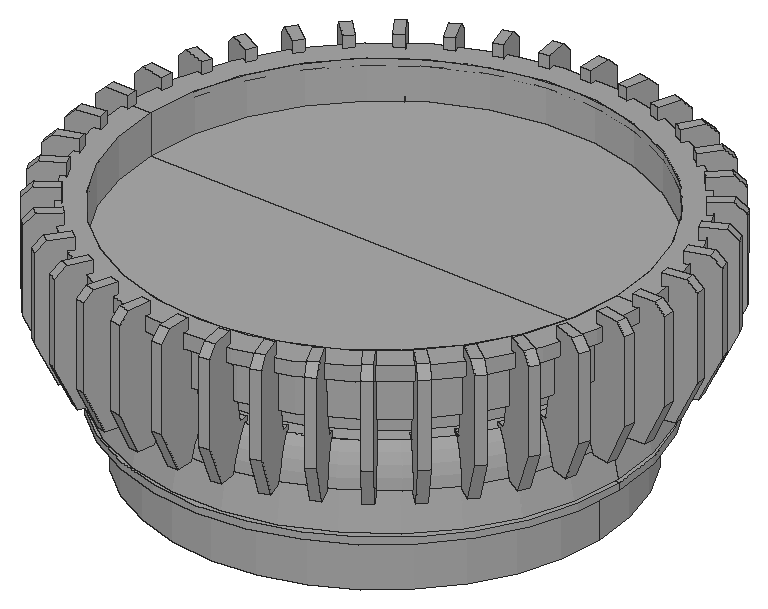
Revit family "KSL_Kemlux-Celing", category Lighting Fixtures, host Face, Revit 2013 (continued)
Definition of nested family "KSL"
  Automatic sketch dimensions
    Extrusion 40 sketch curve to Extrusion 40 sketch curve = 0' - 0.38321"
    Extrusion 40 sketch curve to Extrusion 40 sketch curve = 0' - 0.43044"
    Extrusion 40 sketch curve to Extrusion 40 sketch curve = 0' - 0.57179"
    Extrusion 40 sketch curve to Extrusion 40 sketch curve = 0' - 0 1/4"  (x2)
    Extrusion 40 sketch curve to Extrusion 40 sketch curve = 0' - 0.39395"
    Extrusion 40 sketch curve to Extrusion 40 sketch curve = 0' - 1.02515"
    Extrusion 40 sketch curve to Extrusion 40 sketch curve = 0' - 0.67103"
    Extrusion 40 sketch curve to Extrusion 40 sketch curve = 0' - 1.93305"
    Extrusion 40 sketch curve to Extrusion 40 sketch curve = 0' - 0.08345"
    Extrusion 41 sketch curve to Extrusion 41 sketch curve = 0' - 0 7/16"
    Extrusion 41 sketch curve to Extrusion 41 sketch curve = 0' - 0.13206"
    Extrusion 41 sketch curve to Extrusion 41 sketch curve = 0' - 0.295"
    Extrusion 41 sketch curve to Extrusion 41 sketch curve = 0' - 0.38321"
    Extrusion 41 sketch curve to Extrusion 41 sketch curve = 0' - 0.43044"
    Extrusion 41 sketch curve to Extrusion 41 sketch curve = 0' - 0.57179"
    Extrusion 41 sketch curve to Extrusion 41 sketch curve = 0' - 0 1/4"  (x2)
    Extrusion 41 sketch curve to Extrusion 41 sketch curve = 0' - 0.39395"
    Extrusion 41 sketch curve to Extrusion 41 sketch curve = 0' - 1.02515"
    Extrusion 41 sketch curve to Extrusion 41 sketch curve = 0' - 0.67103"
    Extrusion 41 sketch curve to Extrusion 41 sketch curve = 0' - 1.93305"
    Extrusion 41 sketch curve to Extrusion 41 sketch curve = 0' - 0.08345"
    Extrusion 42 sketch curve to Extrusion 42 sketch curve = 0' - 0 7/16"
    Extrusion 42 sketch curve to Extrusion 42 sketch curve = 0' - 0.13206"
    Extrusion 42 sketch curve to Extrusion 42 sketch curve = 0' - 0.295"
    Extrusion 42 sketch curve to Extrusion 42 sketch curve = 0' - 0.38321"
    Extrusion 42 sketch curve to Extrusion 42 sketch curve = 0' - 0.43044"
    Extrusion 42 sketch curve to Extrusion 42 sketch curve = 0' - 0.57179"
    Extrusion 42 sketch curve to Extrusion 42 sketch curve = 0' - 0 1/4"  (x2)
    Extrusion 42 sketch curve to Extrusion 42 sketch curve = 0' - 0.39395"
    Extrusion 42 sketch curve to Extrusion 42 sketch curve = 0' - 1.02515"
    Extrusion 42 sketch curve to Extrusion 42 sketch curve = 0' - 0.67103"
    Extrusion 42 sketch curve to Extrusion 42 sketch curve = 0' - 1.93305"
    Extrusion 42 sketch curve to Extrusion 42 sketch curve = 0' - 0.08345"
    Extrusion 43 sketch curve to Extrusion 43 sketch curve = 0' - 0 7/16"
    Extrusion 43 sketch curve to Extrusion 43 sketch curve = 0' - 0.13206"
    Extrusion 43 sketch curve to Extrusion 43 sketch curve = 0' - 0.295"
    Extrusion 43 sketch curve to Extrusion 43 sketch curve = 0' - 0.38321"
    Extrusion 43 sketch curve to Extrusion 43 sketch curve = 0' - 0.43044"
    Extrusion 43 sketch curve to Extrusion 43 sketch curve = 0' - 0.57179"
    Extrusion 43 sketch curve to Extrusion 43 sketch curve = 0' - 0 1/4"  (x2)
    Extrusion 43 sketch curve to Extrusion 43 sketch curve = 0' - 0.39395"
    Extrusion 43 sketch curve to Extrusion 43 sketch curve = 0' - 1.02515"
    Extrusion 43 sketch curve to Extrusion 43 sketch curve = 0' - 0.67103"
    Extrusion 43 sketch curve to Extrusion 43 sketch curve = 0' - 1.93305"
    Extrusion 43 sketch curve to Extrusion 43 sketch curve = 0' - 0.08345"
    Extrusion 1 sketch curve to Extrusion 1 sketch curve = 8' - 0"  (x2)
    curve 8 to plane 7 = 0' - 0.35927"
    level to curve 10 = 0' - 1 3/4"
    curve 1 to plane 3 "Center (Left/Right)" = 0' - 0"
    plane 7 to curve 5 = 0' - 0"
    curve 11 to plane 7 = 0' - 0.35927"
    curve 2 to plane 7 = 0' - 0.45302"
    curve 8 to curve 8 = 0' - 0.39073"
    curve 2 to curve 4 = 0' - 0.39073"
    curve 4 to curve 4 = 0' - 0 1/4"
    plane 7 to curve 10 = 0' - 0.75471"
    plane 7 to curve 7 = 0' - 0.72501"
    plane 7 to curve 11 = 0' - 0.6022"
    plane 7 to curve 12 = 0' - 0.39176"
    plane 5 to curve 12 = 0' - 0.25875"
    curve 9 to curve 9 = 0' - 1"
    curve 7 to curve 6 = 0' - 0.62254"
    curve 5 to curve 2 = 0' - 0.37746"
    Revolve 2 sketch curve to level = 0' - 0"
    Revolve 2 sketch curve to plane 3 "Center (Left/Right)" = 0' - 0"  (x2)
    plane 7 to Revolve 2 sketch curve = 0' - 0"  (x2)
    level to Revolve 2 sketch curve = 0' - 0.16729"
    Revolve 2 sketch curve to plane 7 = 0' - 0.23742"
    Revolve 2 sketch curve to Revolve 2 sketch curve = 0' - 0.39032"
    Revolve 2 sketch curve to plane 7 = 0' - 0.45302"
    Revolve 2 sketch curve to Revolve 2 sketch curve = 0' - 0.49031"
    Revolve 2 sketch curve to Revolve 2 sketch curve = 0' - 0.00969"
    Revolve 2 sketch curve to Revolve 2 sketch curve = 0' - 0.51192"
    Revolve 2 sketch curve to Revolve 2 sketch curve = 0' - 0.39073"
    Revolve 2 sketch curve to Revolve 2 sketch curve = 0' - 0 1/4"
    plane 7 to Revolve 2 sketch curve = 0' - 0.70329"
    Revolve 2 sketch curve to Revolve 2 sketch curve = 0' - 0.08271"
    Revolve 2 sketch curve to Revolve 2 sketch curve = 0' - 1 1/8"
    Revolve 2 sketch curve to Revolve 2 sketch curve = 0' - 0.72893"
    Revolve 2 sketch curve to Revolve 2 sketch curve = 0' - 0.37746"
    Revolve 2 sketch curve to Revolve 2 sketch curve = 0' - 0.62007"
    Revolve 2 sketch curve to Revolve 2 sketch curve = 0' - 0.3497"
    Revolve 2 sketch curve to Revolve 2 sketch curve = 0' - 5 13/16"
    level to curve 6 = 0' - 5.37007"
    curve 4 to curve 12 = 0' - 0.3497"
    curve 4 to curve 2 = 0' - 0.55259"
    curve 12 to curve 3 = 0' - 0.2029"
    Revolve 2 sketch curve to Revolve 2 sketch curve = 0' - 3 3/4"
Types (10): name | Wattage Comments | Wattage | Watt | Photometric Web File | Optics | built-in parameter 1150105 | Lumens | Lamp | built-in parameter 1150106 | built-in parameter 1150104 | Apparent Load
  (no name) | "57 Watts" | 57 W | 57 W | "KXL-24L-X-5K-5M.ies" | "Type V Square" | 476.27 (stored number, unit not read) | 5985 lm | "24 High Performanc LEDs" | 4.7627 (stored number, unit not read) | 9.7548 (stored number, unit not read) | 57 VA
  KSL-18L-X-5K-5M | "43 Watts" | 43 W | 43 W | "KXL-18L-X-5K-5M.ies" | "Type V Square" | 352.45 (stored number, unit not read) | 4429 lm | "18 High Performanc LEDs" | 3.5245 (stored number, unit not read) | 9.569 (stored number, unit not read) | 43 VA
  KSL-18L-X-5K-5R | "43 Watts" | 43 W | 43 W | "KXL-18L-X-5K-5R.ies" | "Type V Rectangle" | 345.6 (stored number, unit not read) | 4343 lm | "18 High Performanc LEDs" | 3.456 (stored number, unit not read) | 9.3832 (stored number, unit not read) | 43 VA
  KSL-18L-X-5K-N | "43 Watts" | 43 W | 43 W | "KXL-18L-X-5K-N.ies" | "Narrow" | 349.03 (stored number, unit not read) | 4386 lm | "18 High Performanc LEDs" | 3.4903 (stored number, unit not read) | 9.4761 (stored number, unit not read) | 43 VA
  KSL-24L-X-5K-5M | "57 Watts" | 57 W | 57 W | "KXL-24L-X-5K-5M.ies" | "Type V Square" | 476.27 (stored number, unit not read) | 5985 lm | "24 High Performanc LEDs" | 4.7627 (stored number, unit not read) | 9.7548 (stored number, unit not read) | 57 VA
  KSL-24L-X-5K-5R | "57 Watts" | 57 W | 57 W | "KXL-24L-X-5K-5R.ies" | "Type V Rectangle" | 453.59 (stored number, unit not read) | 5700 lm | "24 High Performanc LEDs" | 4.5359 (stored number, unit not read) | 9.2903 (stored number, unit not read) | 57 VA
  KSL-24L-X-5K-N | "57 Watts" | 57 W | 57 W | "KXL-24L-X-5K-N.ies" | "Narrow" | 467.2 (stored number, unit not read) | 5871 lm | "24 High Performanc LEDs" | 4.672 (stored number, unit not read) | 9.569 (stored number, unit not read) | 57 VA
  KSL-36L-X-5K-5M | "86 Watts" | 86 W | 86 W | "KXL-36L-X-5K-5M.ies" | "Type V Square" | 718.58 (stored number, unit not read) | 9030 lm | "36 High Performanc LEDs" | 7.1858 (stored number, unit not read) | 9.7548 (stored number, unit not read) | 86 VA
  KSL-36L-X-5K-5R | "86 Watts" | 86 W | 86 W | "KXL-36L-X-5K-5R.ies" | "Type V Rectangle" | 677.52 (stored number, unit not read) | 8514 lm | "36 High Performanc LEDs" | 6.7752 (stored number, unit not read) | 9.1974 (stored number, unit not read) | 86 VA
  KSL-36L-X-5K-N | "86 Watts" | 86 W | 86 W | "KXL-36L-X-5K-N.ies" | "Narrow" | 698.05 (stored number, unit not read) | 8772 lm | "36 High Performanc LEDs" | 6.9805 (stored number, unit not read) | 9.4761 (stored number, unit not read) | 86 VA
